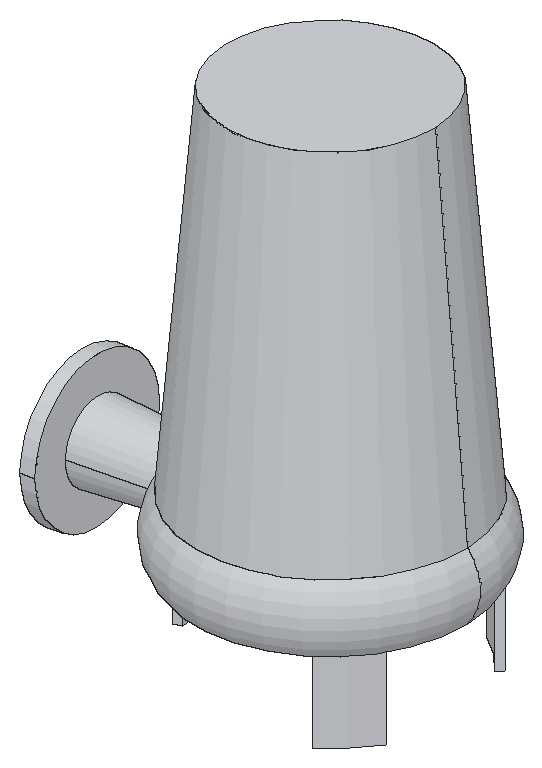
Revit family "M_Bomba de esgoto - Descarga horizontal", category Equipamento mecânico, Revit 2019
Family settings
  Cota do conector redondo = Usar raio
  Classificação = Bomba
  Tipo de parte = Normal
  Número OmniClass = 23.60.30.21
  Título OmniClass = Pumps
  ID de item do Seek = Sewage Pump - Horizontal Discharge-0000-CAN-ENU
  Com base no plano de trabalho = Não
  Sempre na vertical = Sim
  Corte com vazios quando carregada = Não
  Compartilhado = Não
  Ponto de cálculo do ambiente = Não
Parameters (values of type "41 LPS - Head de 310 kPa")
  Voltagem = 230 V
  Material da bomba = none
  Número de pólos = 2
  Classificação de carga = Eletrodoméstico - Unidade de interrupção
  Fluxo [instance] = 41.0 L/s
  Raio nominal da descarga = 50 mm
  Diâmetro nominal da descarga = Raio nominal da descarga * 2  # 100 mm
  Carga aparente = 3600 VA
Reference planes
  plane 1 "Centro (Frente/Trás)": y = 0
  plane 2: z = 0
  plane 3 "Centro (Esquerda/Direita)": x = 0
  plane 4: z = 122.237
  plane 5: x = 222.647
  plane 6: z = 223.837
  plane 7: x = 203.2
  plane 8: z = 173.037
  plane 9: z = 763.587
  plane 10: x = -367.109
  plane 11: x = -344.884
  plane 12: x = -203.2
Forms (mm)
  Extrusion 1, solid, material <- "Material da bomba"
    sketch origin (0, 0, 0) x (1, 0, 0) y (0, 1, 0)
      loop
        arc (-198.76, 42.248) -> (-203.2, 0) -> (-198.76, -42.248) r 203.2
        line (-198.76, -42.248) -> (-186.337, -39.607)
        arc (-186.337, -39.607) -> (-190.5, 0) -> (-186.337, 39.607) r 190.5
        line (-186.337, 39.607) -> (-198.76, 42.248)
    from 0 to 122.237
  Extrusion 2, solid, material <- "Material da bomba"
    sketch origin (0, 0, 0) x (-0.707107, -0.707107, 0) y (0.707107, -0.707107, 0)
      loop
        arc (-198.76, 42.248) -> (-203.2, 0) -> (-198.76, -42.248) r 203.2
        line (-198.76, -42.248) -> (-186.337, -39.607)
        arc (-186.337, -39.607) -> (-190.5, 0) -> (-186.337, 39.607) r 190.5
        line (-186.337, 39.607) -> (-198.76, 42.248)
    from 0 to 122.237
  Revolve 3, solid, material <- "Material da bomba"
    sketch origin (0, 0, 0) x (1, 0, 0) y (0, 0, 1)
      loop
        line (203.2, 223.838) -> (0, 223.838) -> (0, 122.238) -> (203.2, 122.238)
        arc (203.2, 122.238) -> (222.647, 173.038) -> (203.2, 223.838) r 76.074
      axis (0, 122.238) -> (0, 223.838)
    angle from 0 to 360
  Blend 4, solid, material <- "Material da bomba"
    base sketch origin (0, 0, 0) x (1, 0, 0) y (0, 1, 0)
      loop
        circle (0, 0) r 203.2
    top sketch origin (0, 0, 0) x (1, 0, 0) y (0, 1, 0)
      loop
        circle (0, 0) r 155.972
    from 223.837 to 763.587
  Extrusion 5, solid, material <- "Material da bomba"
    sketch origin (0, 0, 0) x (0, 1, 0) y (0, 0, 1)
      loop
        circle (0, 173.037) r 114.3
    from -367.109 to -344.884
  Blend 6, solid, material <- "Material da bomba"
    base sketch origin (0, 0, 0) x (0, 1, 0) y (0, 0, 1)
      loop
        circle (0, 173.037) r 59.531
    top sketch origin (0, 0, 0) x (0, 1, 0) y (0, 0, 1)
      loop
        circle (0, 173.037) r 50.8
    from -344.884 to -203.2
  Extrusion 7, solid, material <- "Material da bomba"
    sketch origin (0, 0, 0) x (-0.707107, 0.707107, 0) y (-0.707107, -0.707107, 0)
      loop
        line (-198.76, -42.248) -> (-186.337, -39.607)
        arc (-186.337, -39.607) -> (-190.5, 0) -> (-186.337, 39.607) r 190.5
        line (-186.337, 39.607) -> (-198.76, 42.248)
        arc (-198.76, 42.248) -> (-203.2, 0) -> (-198.76, -42.248) r 203.2
    from 0 to 122.237
Cuts and joins
  joined: Revolve 3, Blend 6
Dimensions and locks
  locked: plane 4 to plane 2 at 122.238
  locked: plane 5 to plane 3 "Centro (Esquerda/Direita)" at 222.647
  locked: plane 6 to plane 4 at 101.6
  plane 7 to plane 3 "Centro (Esquerda/Direita)" = 203.2 mm
  locked: plane 8 to plane 4 at 50.8
  locked: plane 9 to plane 6 at 539.75
  locked: plane 5 to plane 10 at 589.756
  locked: plane 11 to plane 10 at 22.225
  locked: plane 3 "Centro (Esquerda/Direita)" to plane 12 at 203.2
  radius of Extrusion 1 sketch curve = 203.2 mm
  radius of Extrusion 1 sketch curve = 190.5 mm
  radius of Extrusion 2 sketch curve = 203.2 mm
  radius of Extrusion 2 sketch curve = 190.5 mm
  radius of Blend 4 sketch curve = 155.972 mm
  radius of Blend 4 sketch curve = 203.2 mm
  radius of Extrusion 5 sketch curve = 114.3 mm
  radius of Blend 6 sketch curve = 59.531 mm
  radius of Blend 6 sketch curve = 50.8 mm
  radius of Extrusion 7 sketch curve = 203.2 mm
  radius of Extrusion 7 sketch curve = 190.5 mm
  locked: plane 1 "Centro (Frente/Trás)" to Extrusion 2 (angle 33.00°)
  locked: Extrusion 2 to Extrusion 2 (angle 24.00°)
  locked: Extrusion 7 to Extrusion 7 (angle 24.00°)
  locked: Extrusion 7 to plane 1 "Centro (Frente/Trás)" (angle 33.00°)
  aligned and locked: plane 4 to Extrusion 1
  aligned and locked: Extrusion 2 to plane 2
  aligned and locked: plane 4 to Extrusion 2
  aligned and locked: plane 3 "Centro (Esquerda/Direita)" to Revolve 3 sketch curve
  aligned and locked: Revolve 3 sketch curve to plane 6
  aligned and locked: plane 4 to Revolve 3 sketch curve  (x2)
  aligned and locked: Revolve 3 sketch curve to plane 3 "Centro (Esquerda/Direita)"
  aligned and locked: Revolve 3 sketch curve to Revolve 3 sketch curve
  aligned and locked: plane 3 "Centro (Esquerda/Direita)" to Blend 4 sketch curve  (x2)
  aligned and locked: plane 1 "Centro (Frente/Trás)" to Blend 4 sketch curve  (x2)
  aligned and locked: plane 9 to Blend 4
  aligned and locked: Blend 4 to plane 6
  aligned and locked: plane 8 to Extrusion 5 sketch curve
  aligned and locked: plane 1 "Centro (Frente/Trás)" to Extrusion 5 sketch curve
  aligned and locked: Extrusion 5 to plane 10
  aligned and locked: plane 11 to Extrusion 5
  aligned and locked: plane 1 "Centro (Frente/Trás)" to Blend 6 sketch curve  (x2)
  aligned and locked: plane 8 to Blend 6 sketch curve  (x2)
  aligned and locked: Blend 6 to plane 11
Connectors
  electrical at (0, 0, 763.587), driven by "Voltagem", driven by "Número de pólos", driven by "Carga aparente", driven by "Classificação de carga"
    settings: on Blend 4, index 2, voltage 230 V, apparent load 3600 VA, apparent load phase1 0 VA, apparent load phase2 0 VA, apparent load phase3 0 VA, power factor 0.8, load classification "Eletrodoméstico - Unidade de interrupção", number of poles 2, system type 30, power factor state 1, is connector primary yes, connector utility no, sub classification motor no, connector description ""
  piping at (-367.109, 0, 173.037), diameter 100, driven by "Raio nominal da descarga", driven by "Fluxo"
    settings: on Extrusion 5, index 3, connector inside diameter 100 mm, connector length 0 mm, flow factor 0, pipe flow 41.0 L/s, pressure drop 0.0 Pa, fitting loss kfactor 0, connector angle 0.00°, fixture units 0, engagement length 0 mm, angle of deflection 0.00°, flow configuration 1, flow direction 2, fitting loss method 0, system type 16, joint type 0, gender type 0, connector reference index -1, connector utility 0, adjustable connector no, is connector primary yes, connector description "Saída de água"
